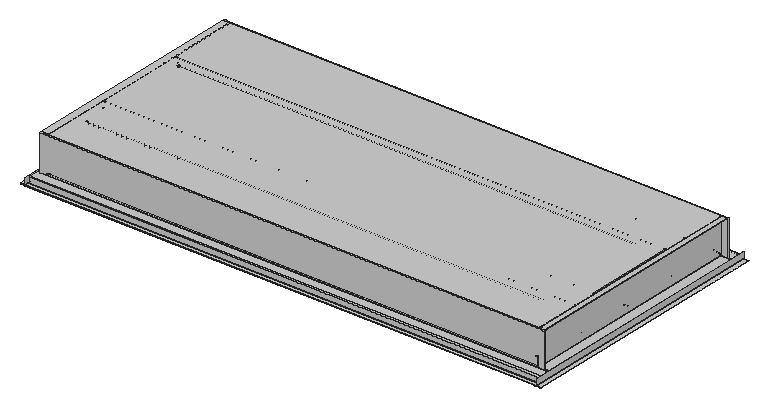
Revit family "LRTB-C29", category Lighting Fixtures, host Ceiling, Revit 2019
Family settings
  Host = Ceiling
  Round Connector Dimension = Use Diameter
  Part Type = Normal
  OmniClass Number = 23.80.70.11.14.17
  OmniClass Title = Direct/Indirect
  Always vertical = Yes
  Cut with Voids When Loaded = No
  Light Source = Yes
  Shared = No
  Room Calculation Point = No
Parameters (values of type "LRTB-C292X4-LED840K046LUNV")
  Width = 1' - 11 3/4"
  Wattage = 44 W
  built-in parameter 1150110 = 1 (stored number, unit not read)
  Voltage = 120 V
  URL = "https://www.viscor.com/en/products/lrtj-wet-location"
  built-in parameter 1114217 = 0.9 (stored number, unit not read)
  Tilt Angle = 90.00°
  built-in parameter 1150109 = 1 (stored number, unit not read)
  built-in parameter 1150134 = 12
  built-in parameter 1150113 = 1 (stored number, unit not read)
  Reflector Width = Width / 2  # 0' - 11 7/8"
  Photometric Web File = "LRTB-C29-2x4-LED840K046LUNV.ies"
  Model = "LRTB Wet Location"  # constant formula
  Manufacturer = "VISIONEERING by VISCOR"  # constant formula
  Lumens = 4400 lm
  built-in parameter 1150115 = 1 (stored number, unit not read)
  built-in parameter 1150105 = 350.14 (stored number, unit not read)
  built-in parameter 1150137 = (empty or 0)
  built-in parameter 1150139 = (empty or 0)
  Lens Finish = Acrylic - Viscor -Clear Flat Smooth
  Length = 3' - 11 3/4"
  Lamp Wattage = 44 VA
  built-in parameter 1150112 = 1 (stored number, unit not read)
  built-in parameter 1150114 = 1 (stored number, unit not read)
  Lamp = "LED"  # constant formula
  built-in parameter 1150132 = (empty or 0)
  built-in parameter 1150102 = (empty or 0)
  built-in parameter 1150138 = (empty or 0)
  built-in parameter 1150107 = 4000 (stored number, unit not read)
  built-in parameter 1150106 = 3.5014 (stored number, unit not read)
  Housing Finish = Metal - Viscor - White
  End Trim = Metal - Viscor - Flat White
  Emit from Rectangle Width = Width  # 1' - 11 3/4"
  Emit from Rectangle Length = Length  # 3' - 11 3/4"
  Emit Shape Visible in Rendering = no
  built-in parameter 1150104 = 9.2903 (stored number, unit not read)
  Dimming Lamp Color Temperature Shift = <None>
  Diffuser Finish = Acrylic - Viscor - Frosted Ribbed Linear Extruded
  Description = "LED Troffer Dish Parallel Tear Drop - Wet Location"  # constant formula
  Color Filter = 16777215
  built-in parameter 1114218 = 1 (stored number, unit not read)
  built-in parameter 1150133 = 10 (stored number, unit not read)
  Assembly Code = "D5020200"
  Apparent Load = Lamp Wattage  # 44 VA
Types (5): name | Wattage | URL | Photometric Web File | Lumens | built-in parameter 1150105 | Length | Lamp Wattage | built-in parameter 1150106 | Emit from Rectangle Length | built-in parameter 1150104 | Apparent Load
  (no name) | 44 W | "https://www.viscor.com/en/products/lrtj-wet-location" | "LRTB-C29-2x4-LED840K046LUNV.ies" | 4400 lm | 350.14 (stored number, unit not read) | 3' - 11 3/4" | 44 VA | 3.5014 (stored number, unit not read) | 3' - 11 3/4" | 9.2903 (stored number, unit not read) | 44 VA
  LRTB-C292X2-LED840K020LUNV | 20 W | "https://www.viscor.com/en/products/lrtb-wet-location-" | "LRTB-C29-2X2-LED840K020LUNV.ies" | 1880 lm | 149.61 (stored number, unit not read) | 1' - 11 3/4" | 20 VA | 1.4961 (stored number, unit not read) | 1' - 11 3/4" | 8.7329 (stored number, unit not read) | 20 VA
  LRTB-C292x4-LED840K037LUNV | 28 W | "https://www.viscor.com/en/products/lrtj-wet-location" | "LRTB-C29-2X4-LED840K037LUNV.ies" | 3108 lm | 247.33 (stored number, unit not read) | 3' - 11 3/4" | 28 VA | 2.4733 (stored number, unit not read) | 3' - 11 3/4" | 10.312 (stored number, unit not read) | 28 VA
  LRTB-C292X2-LED840K033LUNV | 26 W | "https://www.viscor.com/en/products/lrtj-wet-location" | "LRTB-C29-2X2-LED840K033LUNV.ies" | 3146 lm | 250.35 (stored number, unit not read) | 1' - 11 3/4" | 26 VA | 2.5035 (stored number, unit not read) | 1' - 11 3/4" | 11.241 (stored number, unit not read) | 26 VA
  LRTB-C292X4-LED840K046LUNV | 44 W | "https://www.viscor.com/en/products/lrtj-wet-location" | "LRTB-C29-2x4-LED840K046LUNV.ies" | 4400 lm | 350.14 (stored number, unit not read) | 3' - 11 3/4" | 44 VA | 3.5014 (stored number, unit not read) | 3' - 11 3/4" | 9.2903 (stored number, unit not read) | 44 VA
Reference planes (in)
  plane 1 "Light Source Axis (F/B)": y = 0
  plane 2 "Ceiling": z = 96
  plane 3 "Light Source Axis (L/R)": x = 0
  plane 4 "Light Source Elevation": z = 95.96875
  plane 5: y = 11.875
  plane 6: y = -11.875
  plane 7: x = -23.875
  plane 8: x = 23.875
  plane 9: x = -23.8125
  plane 10: x = 23.8125
  plane 11: x = -23.4375
  plane 12: x = 23.4375
  plane 13: y = 11.4375
  plane 14: y = -11.4375
  plane 15: x = -23.125
  plane 16: x = 23.125
  plane 17: x = -22.5
  plane 18: x = 22.5
  plane 19: x = -21
  plane 20: x = 21
  plane 21: y = -10.4
  plane 22: y = 10.4
Forms (in)
  Extrusion 1, void
    sketch origin (0, 0, 96) x (1, 0, 0) y (0, 1, 0)
      loop
        line (-23.875, -11.875) -> (23.875, -11.875) -> (23.875, 11.875) -> (-23.875, 11.875) -> (-23.875, -11.875)
    from -0.25733 to 4.35536
  Extrusion 2, solid, material "Metal - Viscor - White" <- "Housing Finish"
    sketch origin (0, 0, 0) x (0, 1, 0) y (0, 0, 1)
      loop
        line (11.875, 96) -> (11.875, 96.03125) -> (11.5065, 96.03125)
        arc (11.5065, 96.03125) -> (11.47981, 96.04231) -> (11.46875, 96.069) r 0.03775
        line (11.46875, 96.069) -> (11.46875, 96.5235)
        arc (11.46875, 96.5235) -> (11.44817, 96.57317) -> (11.3985, 96.59375) r 0.07025
        line (11.3985, 96.59375) -> (10.53, 96.59375) -> (10.53, 96.5625) -> (11.3985, 96.5625)
        arc (11.3985, 96.5625) -> (11.42608, 96.55108) -> (11.4375, 96.5235) r 0.039
        line (11.4375, 96.5235) -> (11.4375, 96.069)
        arc (11.4375, 96.069) -> (11.45771, 96.02021) -> (11.5065, 96) r 0.069
        line (11.5065, 96) -> (11.875, 96)
    from -23.4375 to 23.4375
  Extrusion 3, solid, material "Metal - Viscor - White" <- "Housing Finish"
    sketch origin (0, 0, 0) x (0, -1, 0) y (0, 0, -1)
      loop
        line (11.875, -96) -> (11.5065, -96)
        arc (11.5065, -96) -> (11.45771, -96.02021) -> (11.4375, -96.069) r 0.069
        line (11.4375, -96.069) -> (11.4375, -96.5235)
        arc (11.4375, -96.5235) -> (11.42608, -96.55108) -> (11.3985, -96.5625) r 0.039
        line (11.3985, -96.5625) -> (10.53, -96.5625) -> (10.53, -96.59375) -> (11.3985, -96.59375)
        arc (11.3985, -96.59375) -> (11.44817, -96.57317) -> (11.46875, -96.5235) r 0.07025
        line (11.46875, -96.5235) -> (11.46875, -96.069)
        arc (11.46875, -96.069) -> (11.47981, -96.04231) -> (11.5065, -96.03125) r 0.03775
        line (11.5065, -96.03125) -> (11.875, -96.03125) -> (11.875, -96)
    from -23.4375 to 23.4375
  Extrusion 4, solid, material "Metal - Viscor - White" <- "Housing Finish"
    sketch origin (0, 0, 0) x (0, 1, 0) y (0, 0, 1)
      loop
        line (10.461, 99.905) -> (-10.461, 99.905)
        arc (-10.461, 99.905) -> (-10.50979, 99.88479) -> (-10.53, 99.836) r 0.069
        line (-10.53, 99.836) -> (-10.53, 96.59375) -> (-10.49875, 96.59375) -> (-10.49875, 99.836)
        arc (-10.49875, 99.836) -> (-10.48769, 99.86269) -> (-10.461, 99.87375) r 0.03775
        line (-10.461, 99.87375) -> (10.461, 99.87375)
        arc (10.461, 99.87375) -> (10.48769, 99.86269) -> (10.49875, 99.836) r 0.03775
        line (10.49875, 99.836) -> (10.49875, 96.59375) -> (10.53, 96.59375) -> (10.53, 99.836)
        arc (10.53, 99.836) -> (10.50979, 99.88479) -> (10.461, 99.905) r 0.069
    from -23.125 to 23.125
  Extrusion 5, solid, material "Metal - Viscor - Flat White" <- "End Trim"
    sketch origin (0, 0, 0) x (1, 0, 0) y (0, 0, 1)
      loop
        arc (-23.506, 96) -> (-23.45721, 96.02021) -> (-23.437, 96.069) r 0.069
        line (-23.437, 96.069) -> (-23.437, 96.5925) -> (-23.46825, 96.5925) -> (-23.46825, 96.069)
        arc (-23.46825, 96.069) -> (-23.47931, 96.04231) -> (-23.506, 96.03125) r 0.03775
        line (-23.506, 96.03125) -> (-23.875, 96.03125) -> (-23.875, 96) -> (-23.506, 96)
    from -11.875 to 11.875
  Extrusion 6, solid, material "Metal - Viscor - Flat White" <- "End Trim"
    sketch origin (0, 0, 0) x (-1, 0, 0) y (0, 0, -1)
      loop
        line (-23.506, -96) -> (-23.875, -96) -> (-23.875, -96.03125) -> (-23.506, -96.03125)
        arc (-23.506, -96.03125) -> (-23.47931, -96.04231) -> (-23.46825, -96.069) r 0.03775
        line (-23.46825, -96.069) -> (-23.46825, -96.5925) -> (-23.437, -96.5925) -> (-23.437, -96.069)
        arc (-23.437, -96.069) -> (-23.45721, -96.02021) -> (-23.506, -96) r 0.069
    from -11.875 to 11.875
  Extrusion 7, solid, material "Metal - Viscor - White" <- "Housing Finish"
    sketch origin (0, 0, 0) x (1, 0, 0) y (0, 0, 1)
      loop
        line (-23.4375, 96.5625) -> (-22.5685, 96.5625)
        arc (-22.5685, 96.5625) -> (-22.51971, 96.58271) -> (-22.4995, 96.6315) r 0.069
        line (-22.4995, 96.6315) -> (-22.4995, 99.804)
        arc (-22.4995, 99.804) -> (-22.51971, 99.85279) -> (-22.5685, 99.873) r 0.069
        line (-22.5685, 99.873) -> (-23.1245, 99.873) -> (-23.1245, 99.84175) -> (-22.5685, 99.84175)
        arc (-22.5685, 99.84175) -> (-22.54181, 99.83069) -> (-22.53075, 99.804) r 0.03775
        line (-22.53075, 99.804) -> (-22.53075, 96.6315)
        arc (-22.53075, 96.6315) -> (-22.54181, 96.60481) -> (-22.5685, 96.59375) r 0.03775
        line (-22.5685, 96.59375) -> (-23.4375, 96.59375) -> (-23.4375, 96.5625)
    from -10.4 to 10.4
  Extrusion 8, solid, material "Metal - Viscor - White" <- "Housing Finish"
    sketch origin (0, 0, 0) x (-1, 0, 0) y (0, 0, -1)
      loop
        line (-23.4375, -96.5625) -> (-23.4375, -96.59375) -> (-22.5685, -96.59375)
        arc (-22.5685, -96.59375) -> (-22.54181, -96.60481) -> (-22.53075, -96.6315) r 0.03775
        line (-22.53075, -96.6315) -> (-22.53075, -99.804)
        arc (-22.53075, -99.804) -> (-22.54181, -99.83069) -> (-22.5685, -99.84175) r 0.03775
        line (-22.5685, -99.84175) -> (-23.1245, -99.84175) -> (-23.1245, -99.873) -> (-22.5685, -99.873)
        arc (-22.5685, -99.873) -> (-22.51971, -99.85279) -> (-22.4995, -99.804) r 0.069
        line (-22.4995, -99.804) -> (-22.4995, -96.6315)
        arc (-22.4995, -96.6315) -> (-22.51971, -96.58271) -> (-22.5685, -96.5625) r 0.069
        line (-22.5685, -96.5625) -> (-23.4375, -96.5625)
    from -10.4 to 10.4
  Extrusion 9, solid, material "Metal - Viscor - White" <- "Housing Finish"
    sketch origin (0, 0, 96) x (1, 0, 0) y (0, 1, 0)
      loop
        line (-23.40625, -11.40625) -> (23.40625, -11.40625) -> (23.40625, 11.40625) -> (-23.40625, 11.40625) -> (-23.40625, -11.40625)
      loop
        line (-22.03125, -10.03125) -> (22.03125, -10.03125) -> (22.03125, 10.03125) -> (-22.03125, 10.03125) -> (-22.03125, -10.03125)
    from 0 to 0.5
  Extrusion 10, solid, material "Acrylic - Viscor -Clear Flat Smooth" <- "Lens Finish"
    sketch origin (0, 0, 0) x (0, 1, 0) y (0, 0, 1)
      loop
        line (10.5, 96.158) -> (10.5, 96.283) -> (-10.5, 96.283) -> (-10.5, 96.158) -> (10.5, 96.158)
    from -22.5 to 22.5
  Extrusion 11, solid, material "Metal - Viscor - White" <- "Housing Finish"
    sketch origin (0, 0, 0) x (0, 1, 0) y (0, 0, 1)
      loop
        line (5.75542, 99.353) -> (5.75542, 99.32175) -> (6.21642, 99.32175)
        arc (6.21642, 99.32175) -> (6.23816, 99.31274) -> (6.24717, 99.291) r 0.03075
        line (6.24717, 99.291) -> (6.24717, 99.0825) -> (6.02604, 98.91587)
        arc (6.02604, 98.91587) -> (6.00079, 98.8404) -> (6.06219, 98.78978) r 0.07025
        line (6.06219, 98.78978) -> (6.43577, 98.7571)
        arc (6.43577, 98.7571) -> (8.46759, 98.18964) -> (10.15651, 96.92557) r 5.73176
        line (10.15651, 96.92557) -> (10.2899, 96.78042) -> (10.38719, 96.67456)
        arc (10.38719, 96.67456) -> (10.46442, 96.65664) -> (10.50916, 96.72209) r 0.07025
        line (10.50916, 96.72209) -> (10.50916, 97.563) -> (10.47791, 97.563) -> (10.47791, 96.72209)
        arc (10.47791, 96.72209) -> (10.45307, 96.68575) -> (10.4102, 96.6957) r 0.039
        line (10.4102, 96.6957) -> (10.31291, 96.80156) -> (10.17952, 96.94671)
        arc (10.17952, 96.94671) -> (8.48139, 98.21767) -> (6.43849, 98.78823) r 5.76301
        line (6.43849, 98.78823) -> (6.06492, 98.82091)
        arc (6.06492, 98.82091) -> (6.03083, 98.84901) -> (6.04484, 98.89091) r 0.039
        line (6.04484, 98.89091) -> (6.25373, 99.04832)
        arc (6.25373, 99.04832) -> (6.27191, 99.07017) -> (6.27842, 99.09783) r 0.062
        line (6.27842, 99.09783) -> (6.27842, 99.291)
        arc (6.27842, 99.291) -> (6.26026, 99.33484) -> (6.21642, 99.353) r 0.062
        line (6.21642, 99.353) -> (5.75542, 99.353)
    from -22.5 to 22.5
  Extrusion 12, solid, material "Metal - Viscor - White" <- "Housing Finish"
    sketch origin (0, 0, 0) x (0, -1, 0) y (0, 0, -1)
      loop
        line (5.75542, -99.353) -> (6.21642, -99.353)
        arc (6.21642, -99.353) -> (6.26026, -99.33484) -> (6.27842, -99.291) r 0.062
        line (6.27842, -99.291) -> (6.27842, -99.09783)
        arc (6.27842, -99.09783) -> (6.27191, -99.07017) -> (6.25373, -99.04832) r 0.062
        line (6.25373, -99.04832) -> (6.04484, -98.89091)
        arc (6.04484, -98.89091) -> (6.03083, -98.84901) -> (6.06492, -98.82091) r 0.039
        line (6.06492, -98.82091) -> (6.43849, -98.78823)
        arc (6.43849, -98.78823) -> (8.48139, -98.21767) -> (10.17952, -96.94671) r 5.76301
        line (10.17952, -96.94671) -> (10.31291, -96.80156) -> (10.4102, -96.6957)
        arc (10.4102, -96.6957) -> (10.45307, -96.68575) -> (10.47791, -96.72209) r 0.039
        line (10.47791, -96.72209) -> (10.47791, -97.563) -> (10.50916, -97.563) -> (10.50916, -96.72209)
        arc (10.50916, -96.72209) -> (10.46442, -96.65664) -> (10.38719, -96.67456) r 0.07025
        line (10.38719, -96.67456) -> (10.2899, -96.78042) -> (10.15651, -96.92557)
        arc (10.15651, -96.92557) -> (8.46759, -98.18964) -> (6.43577, -98.7571) r 5.73176
        line (6.43577, -98.7571) -> (6.06219, -98.78978)
        arc (6.06219, -98.78978) -> (6.00079, -98.8404) -> (6.02604, -98.91587) r 0.07025
        line (6.02604, -98.91587) -> (6.24717, -99.0825) -> (6.24717, -99.291)
        arc (6.24717, -99.291) -> (6.23816, -99.31274) -> (6.21642, -99.32175) r 0.03075
        line (6.21642, -99.32175) -> (5.75542, -99.32175) -> (5.75542, -99.353)
    from -22.5 to 22.5
  Extrusion 13, solid, material "Metal - Viscor - White" <- "Housing Finish"
    sketch origin (0, 0, 0) x (0, 1, 0) y (0, 0, 1)
      loop
        line (4.69357, 99.352) -> (4.23257, 99.352)
        arc (4.23257, 99.352) -> (4.18873, 99.33384) -> (4.17057, 99.29) r 0.062
        line (4.17057, 99.29) -> (4.17057, 99.08322)
        arc (4.17057, 99.08322) -> (4.17818, 99.05346) -> (4.19914, 99.031) r 0.062
        line (4.19914, 99.031) -> (4.41784, 98.89102)
        arc (4.41784, 98.89102) -> (4.43501, 98.85031) -> (4.40316, 98.81969) r 0.039
        line (4.40316, 98.81969) -> (3.90984, 98.73823)
        arc (3.90984, 98.73823) -> (2.07315, 98.21911) -> (0.3973, 97.30563) r 8.55352
        line (0.3973, 97.30563) -> (0.02328, 97.04374)
        arc (0.02328, 97.04374) -> (0.00091, 97.03669) -> (-0.02146, 97.04374) r 0.039
        line (-0.02146, 97.04374) -> (-0.39547, 97.30563)
        arc (-0.39547, 97.30563) -> (-2.07133, 98.21911) -> (-3.90802, 98.73823) r 8.55352
        line (-3.90802, 98.73823) -> (-4.40134, 98.81969)
        arc (-4.40134, 98.81969) -> (-4.43319, 98.85031) -> (-4.41601, 98.89102) r 0.039
        line (-4.41601, 98.89102) -> (-4.19732, 99.031)
        arc (-4.19732, 99.031) -> (-4.17636, 99.05346) -> (-4.16875, 99.08322) r 0.062
        line (-4.16875, 99.08322) -> (-4.16875, 99.29)
        arc (-4.16875, 99.29) -> (-4.18691, 99.33384) -> (-4.23075, 99.352) r 0.062
        line (-4.23075, 99.352) -> (-4.69175, 99.352) -> (-4.69175, 99.32075) -> (-4.23075, 99.32075)
        arc (-4.23075, 99.32075) -> (-4.209, 99.31174) -> (-4.2, 99.29) r 0.03075
        line (-4.2, 99.29) -> (-4.2, 99.0664) -> (-4.43286, 98.91734)
        arc (-4.43286, 98.91734) -> (-4.4638, 98.84402) -> (-4.40643, 98.78886) r 0.07025
        line (-4.40643, 98.78886) -> (-3.91311, 98.7074)
        arc (-3.91311, 98.7074) -> (-2.08313, 98.19017) -> (-0.4134, 97.28003) r 8.52227
        line (-0.4134, 97.28003) -> (-0.03938, 97.01814)
        arc (-0.03938, 97.01814) -> (0.00091, 97.00544) -> (0.04121, 97.01814) r 0.07025
        line (0.04121, 97.01814) -> (0.41522, 97.28003)
        arc (0.41522, 97.28003) -> (2.08495, 98.19017) -> (3.91494, 98.7074) r 8.52227
        line (3.91494, 98.7074) -> (4.40826, 98.78886)
        arc (4.40826, 98.78886) -> (4.46562, 98.84402) -> (4.43468, 98.91734) r 0.07025
        line (4.43468, 98.91734) -> (4.21599, 99.05732)
        arc (4.21599, 99.05732) -> (4.20559, 99.06846) -> (4.20182, 99.08322) r 0.03075
        line (4.20182, 99.08322) -> (4.20182, 99.29)
        arc (4.20182, 99.29) -> (4.21083, 99.31174) -> (4.23257, 99.32075) r 0.03075
        line (4.23257, 99.32075) -> (4.69357, 99.32075) -> (4.69357, 99.352)
    from -22.5 to 22.5
  Extrusion 14, solid, material "Acrylic - Viscor - Frosted Ribbed Linear Extruded" <- "Diffuser Finish"
    sketch origin (0, 0, 0) x (0, 1, 0) y (0, 0, 1)
      loop
        line (6.27149, 98.69488) -> (6.27392, 98.77985)
        arc (6.27392, 98.77985) -> (6.26847, 98.79415) -> (6.2545, 98.80041) r 0.02
        line (6.2545, 98.80041) -> (6.00461, 98.80757) -> (6.00589, 98.85255) -> (6.04689, 98.87954)
        arc (6.04689, 98.87954) -> (6.07116, 98.90567) -> (6.08062, 98.94004) r 0.075
        line (6.08062, 98.94004) -> (6.08219, 98.99484)
        arc (6.08219, 98.99484) -> (6.08964, 99.00891) -> (6.10534, 99.01157) r 0.018
        line (6.10534, 99.01157) -> (6.1446, 98.99983)
        arc (6.1446, 98.99983) -> (6.18193, 99.01999) -> (6.16178, 99.05732) r 0.03
        line (6.16178, 99.05732) -> (6.0501, 99.0907)
        arc (6.0501, 99.0907) -> (6.03266, 99.08775) -> (6.02438, 99.07211) r 0.02
        line (6.02438, 99.07211) -> (6.02042, 98.93395) -> (5.94681, 98.88549) -> (5.94334, 98.76431)
        arc (5.94334, 98.76431) -> (5.95152, 98.74285) -> (5.97247, 98.73346) r 0.03
        line (5.97247, 98.73346) -> (6.21357, 98.72655)
        arc (6.21357, 98.72655) -> (6.14201, 98.20294) -> (5.94717, 97.71168) r 2.19141
        arc (5.94717, 97.71168) -> (5.76288, 97.45006) -> (5.52368, 97.23747) r 1.39141
        arc (5.52368, 97.23747) -> (5.25091, 97.15139) -> (4.97814, 97.23747) r 0.47524
        arc (4.97814, 97.23747) -> (4.73895, 97.45006) -> (4.55465, 97.71168) r 1.39141
        arc (4.55465, 97.71168) -> (4.35981, 98.20294) -> (4.28825, 98.72655) r 2.19141
        line (4.28825, 98.72655) -> (4.52935, 98.73346)
        arc (4.52935, 98.73346) -> (4.55031, 98.74285) -> (4.55848, 98.76431) r 0.03
        line (4.55848, 98.76431) -> (4.55501, 98.88549) -> (4.4814, 98.93395) -> (4.47744, 99.07211)
        arc (4.47744, 99.07211) -> (4.46916, 99.08775) -> (4.45172, 99.0907) r 0.02
        line (4.45172, 99.0907) -> (4.34004, 99.05732)
        arc (4.34004, 99.05732) -> (4.31989, 99.01999) -> (4.35723, 98.99983) r 0.03
        line (4.35723, 98.99983) -> (4.39648, 99.01157)
        arc (4.39648, 99.01157) -> (4.41218, 99.00891) -> (4.41963, 98.99484) r 0.018
        line (4.41963, 98.99484) -> (4.4212, 98.94004)
        arc (4.4212, 98.94004) -> (4.43066, 98.90567) -> (4.45493, 98.87954) r 0.075
        line (4.45493, 98.87954) -> (4.49593, 98.85255) -> (4.49722, 98.80757) -> (4.24732, 98.80041)
        arc (4.24732, 98.80041) -> (4.23335, 98.79415) -> (4.2279, 98.77985) r 0.02
        line (4.2279, 98.77985) -> (4.23034, 98.69488)
        arc (4.23034, 98.69488) -> (4.3071, 98.17318) -> (4.50318, 97.68367) r 2.25
        arc (4.50318, 97.68367) -> (4.69524, 97.41103) -> (4.94451, 97.18948) r 1.45
        arc (4.94451, 97.18948) -> (5.25091, 97.0928) -> (5.55731, 97.18948) r 0.53383
        arc (5.55731, 97.18948) -> (5.80658, 97.41103) -> (5.99864, 97.68367) r 1.45
        arc (5.99864, 97.68367) -> (6.19472, 98.17318) -> (6.27149, 98.69488) r 2.25
    from -22.5 to 22.5
  Extrusion 15, solid, material "Acrylic - Viscor - Frosted Ribbed Linear Extruded" <- "Diffuser Finish"
    sketch origin (0, 0, 0) x (0, -1, 0) y (0, 0, -1)
      loop
        arc (6.27149, -98.69488) -> (6.19472, -98.17318) -> (5.99864, -97.68367) r 2.25
        arc (5.99864, -97.68367) -> (5.80658, -97.41103) -> (5.55731, -97.18948) r 1.45
        arc (5.55731, -97.18948) -> (5.25091, -97.0928) -> (4.94451, -97.18948) r 0.53383
        arc (4.94451, -97.18948) -> (4.69524, -97.41103) -> (4.50318, -97.68367) r 1.45
        arc (4.50318, -97.68367) -> (4.3071, -98.17318) -> (4.23034, -98.69488) r 2.25
        line (4.23034, -98.69488) -> (4.2279, -98.77985)
        arc (4.2279, -98.77985) -> (4.23335, -98.79415) -> (4.24732, -98.80041) r 0.02
        line (4.24732, -98.80041) -> (4.49722, -98.80757) -> (4.49593, -98.85255) -> (4.45493, -98.87954)
        arc (4.45493, -98.87954) -> (4.43066, -98.90567) -> (4.4212, -98.94004) r 0.075
        line (4.4212, -98.94004) -> (4.41963, -98.99484)
        arc (4.41963, -98.99484) -> (4.41218, -99.00891) -> (4.39648, -99.01157) r 0.018
        line (4.39648, -99.01157) -> (4.35723, -98.99983)
        arc (4.35723, -98.99983) -> (4.31989, -99.01999) -> (4.34004, -99.05732) r 0.03
        line (4.34004, -99.05732) -> (4.45172, -99.0907)
        arc (4.45172, -99.0907) -> (4.46916, -99.08775) -> (4.47744, -99.07211) r 0.02
        line (4.47744, -99.07211) -> (4.4814, -98.93395) -> (4.55501, -98.88549) -> (4.55848, -98.76431)
        arc (4.55848, -98.76431) -> (4.55031, -98.74285) -> (4.52935, -98.73346) r 0.03
        line (4.52935, -98.73346) -> (4.28825, -98.72655)
        arc (4.28825, -98.72655) -> (4.35981, -98.20294) -> (4.55465, -97.71168) r 2.19141
        arc (4.55465, -97.71168) -> (4.73895, -97.45006) -> (4.97814, -97.23747) r 1.39141
        arc (4.97814, -97.23747) -> (5.25091, -97.15139) -> (5.52368, -97.23747) r 0.47524
        arc (5.52368, -97.23747) -> (5.76288, -97.45006) -> (5.94717, -97.71168) r 1.39141
        arc (5.94717, -97.71168) -> (6.14201, -98.20294) -> (6.21357, -98.72655) r 2.19141
        line (6.21357, -98.72655) -> (5.97247, -98.73346)
        arc (5.97247, -98.73346) -> (5.95152, -98.74285) -> (5.94334, -98.76431) r 0.03
        line (5.94334, -98.76431) -> (5.94681, -98.88549) -> (6.02042, -98.93395) -> (6.02438, -99.07211)
        arc (6.02438, -99.07211) -> (6.03266, -99.08775) -> (6.0501, -99.0907) r 0.02
        line (6.0501, -99.0907) -> (6.16178, -99.05732)
        arc (6.16178, -99.05732) -> (6.18193, -99.01999) -> (6.1446, -98.99983) r 0.03
        line (6.1446, -98.99983) -> (6.10534, -99.01157)
        arc (6.10534, -99.01157) -> (6.08964, -99.00891) -> (6.08219, -98.99484) r 0.018
        line (6.08219, -98.99484) -> (6.08062, -98.94004)
        arc (6.08062, -98.94004) -> (6.07116, -98.90567) -> (6.04689, -98.87954) r 0.075
        line (6.04689, -98.87954) -> (6.00589, -98.85255) -> (6.00461, -98.80757) -> (6.2545, -98.80041)
        arc (6.2545, -98.80041) -> (6.26847, -98.79415) -> (6.27392, -98.77985) r 0.02
        line (6.27392, -98.77985) -> (6.27149, -98.69488)
    from -22.5 to 22.5
  Extrusion 16, solid, material "Metal - Viscor - White" <- "Housing Finish"
    sketch origin (0, 0, 0) x (0, 1, 0) y (0, 0, 1)
      loop
        line (6.28191, 99.875) -> (6.25066, 99.875) -> (6.25066, 99.414)
        arc (6.25066, 99.414) -> (6.24165, 99.39226) -> (6.21991, 99.38325) r 0.03075
        line (6.21991, 99.38325) -> (4.21891, 99.38325)
        arc (4.21891, 99.38325) -> (4.19717, 99.39226) -> (4.18816, 99.414) r 0.03075
        line (4.18816, 99.414) -> (4.18816, 99.813)
        arc (4.18816, 99.813) -> (4.16759, 99.86267) -> (4.11791, 99.88325) r 0.07025
        line (4.11791, 99.88325) -> (-4.11609, 99.88325)
        arc (-4.11609, 99.88325) -> (-4.16576, 99.86267) -> (-4.18634, 99.813) r 0.07025
        line (-4.18634, 99.813) -> (-4.18634, 99.414)
        arc (-4.18634, 99.414) -> (-4.19535, 99.39226) -> (-4.21709, 99.38325) r 0.03075
        line (-4.21709, 99.38325) -> (-6.21809, 99.38325)
        arc (-6.21809, 99.38325) -> (-6.23983, 99.39226) -> (-6.24884, 99.414) r 0.03075
        line (-6.24884, 99.414) -> (-6.24884, 99.875) -> (-6.28009, 99.875) -> (-6.28009, 99.414)
        arc (-6.28009, 99.414) -> (-6.26193, 99.37016) -> (-6.21809, 99.352) r 0.062
        line (-6.21809, 99.352) -> (-4.21709, 99.352)
        arc (-4.21709, 99.352) -> (-4.17325, 99.37016) -> (-4.15509, 99.414) r 0.062
        line (-4.15509, 99.414) -> (-4.15509, 99.813)
        arc (-4.15509, 99.813) -> (-4.14367, 99.84058) -> (-4.11609, 99.852) r 0.039
        line (-4.11609, 99.852) -> (4.11791, 99.852)
        arc (4.11791, 99.852) -> (4.14549, 99.84058) -> (4.15691, 99.813) r 0.039
        line (4.15691, 99.813) -> (4.15691, 99.414)
        arc (4.15691, 99.414) -> (4.17507, 99.37016) -> (4.21891, 99.352) r 0.062
        line (4.21891, 99.352) -> (6.21991, 99.352)
        arc (6.21991, 99.352) -> (6.26375, 99.37016) -> (6.28191, 99.414) r 0.062
        line (6.28191, 99.414) -> (6.28191, 99.875)
    from -22.5 to 22.5
Dimensions and locks (in)
  equal spacing: host sketch curve, plane 3 "Light Source Axis (L/R)", host sketch curve
  equal spacing: host sketch curve, plane 1 "Light Source Axis (F/B)", host sketch curve
  host sketch curve to host sketch curve = 10' - 0"  (x2)
  equal spacing: plane 7, plane 3 "Light Source Axis (L/R)", plane 8
  "Length": plane 7 to plane 8
  equal spacing: plane 5, plane 1 "Light Source Axis (F/B)", plane 6
  "Width": plane 5 to plane 6
  plane 4 "Light Source Elevation" to plane 2 "Ceiling" = 0' - 0 1/32"
  locked: plane 7 to plane 9 at 0.0625
  locked: plane 10 to plane 8 at 0.0625
  locked: plane 7 to plane 11 at 0.4375
  locked: plane 12 to plane 8 at 0.4375
  locked: plane 5 to plane 13 at 0.4375
  locked: plane 14 to plane 6 at 0.4375
  locked: plane 11 to plane 15 at 0.3125
  locked: plane 16 to plane 12 at 0.3125
  locked: plane 7 to plane 17 at 1.375
  locked: plane 18 to plane 8 at 1.375
  locked: plane 17 to plane 19 at 1.5
  locked: plane 20 to plane 18 at 1.5
  plane 5 to plane 22 = 0' - 1.475"
  locked: plane 21 to plane 6 at 1.475
  aligned and locked: plane 3 "Light Source Axis (L/R)" to imposter light
  aligned and locked: plane 1 "Light Source Axis (F/B)" to imposter light
  aligned and locked: plane 4 "Light Source Elevation" to imposter light
  aligned and locked: Extrusion 1 to imposter light
  aligned and locked: Extrusion 1 to plane 7
  aligned and locked: plane 8 to Extrusion 1
  aligned and locked: Extrusion 2 to plane 11
  aligned and locked: plane 12 to Extrusion 2
  aligned and locked: Extrusion 3 to plane 11
  aligned and locked: plane 12 to Extrusion 3
  aligned and locked: Extrusion 4 to plane 15
  aligned and locked: Extrusion 4 to plane 16
  aligned and locked: plane 5 to Extrusion 5
  aligned and locked: Extrusion 5 to plane 6
  aligned and locked: plane 5 to Extrusion 6
  aligned and locked: Extrusion 6 to plane 6
  aligned and locked: plane 22 to Extrusion 7
  aligned and locked: Extrusion 7 to plane 21
  aligned and locked: plane 22 to Extrusion 8
  aligned and locked: Extrusion 8 to plane 21
  aligned and locked: Extrusion 10 to plane 17
  aligned and locked: plane 18 to Extrusion 10
  aligned and locked: Extrusion 11 to plane 17
  aligned and locked: plane 18 to Extrusion 11
  aligned and locked: Extrusion 12 to plane 17
  aligned and locked: plane 18 to Extrusion 12
  aligned and locked: Extrusion 13 to plane 17
  aligned and locked: plane 18 to Extrusion 13
  aligned and locked: Extrusion 14 to plane 17
  aligned and locked: plane 18 to Extrusion 14
  aligned and locked: Extrusion 15 to plane 17
  aligned and locked: plane 18 to Extrusion 15
  aligned and locked: Extrusion 16 to plane 17
  aligned and locked: plane 18 to Extrusion 16
Automatic sketch dimensions
  Extrusion 1 sketch curve to plane 5 = 0' - 0"
  Extrusion 1 sketch curve to plane 7 = 0' - 0"
  Extrusion 1 sketch curve to plane 8 = 0' - 0"
  Extrusion 1 sketch curve to plane 6 = 0' - 0"
  Extrusion 2 sketch curve to Extrusion 2 sketch curve = 0' - 0"  (x4)
  Extrusion 2 sketch curve to plane 13 = 0' - 0"
  Extrusion 2 sketch curve to plane 2 "Ceiling" = 0' - 0"
  Extrusion 2 sketch curve to plane 5 = 0' - 0"
  Extrusion 2 sketch curve to plane 13 = 0' - 0.039"
  plane 22 to Extrusion 2 sketch curve = 0' - 0.13"
  Extrusion 2 sketch curve to Extrusion 2 sketch curve = 0' - 0 1/32"
  Extrusion 2 sketch curve to Extrusion 2 sketch curve = 0' - 0.03775"
  Extrusion 2 sketch curve to Extrusion 2 sketch curve = 0' - 0.4545"
  Extrusion 3 sketch curve to Extrusion 3 sketch curve = 0' - 0"  (x4)
  Extrusion 3 sketch curve to plane 14 = 0' - 0"
  Extrusion 3 sketch curve to plane 2 "Ceiling" = 0' - 0"
  Extrusion 3 sketch curve to plane 6 = 0' - 0"
  Extrusion 3 sketch curve to plane 14 = 0' - 0.039"
  plane 21 to Extrusion 3 sketch curve = 0' - 0.13"
  plane 14 to Extrusion 3 sketch curve = 0' - 0 1/32"
  Extrusion 3 sketch curve to Extrusion 3 sketch curve = 0' - 0.03775"
  Extrusion 3 sketch curve to Extrusion 3 sketch curve = 0' - 0.4545"
  Extrusion 4 sketch curve to Extrusion 4 sketch curve = 0' - 0"  (x4)
  Extrusion 4 sketch curve to plane 21 = 0' - 0.13"
  Extrusion 4 sketch curve to Extrusion 4 sketch curve = 0' - 0 1/32"
  Extrusion 4 sketch curve to Extrusion 4 sketch curve = 0' - 0.03775"
  plane 22 to Extrusion 4 sketch curve = 0' - 0.061"
  plane 22 to Extrusion 4 sketch curve = 0' - 0.09875"
  plane 2 "Ceiling" to Extrusion 4 sketch curve = 0' - 0 19/32"  (x2)
  Extrusion 4 sketch curve to Extrusion 4 sketch curve = 0' - 3.24225"
  Extrusion 5 sketch curve to Extrusion 5 sketch curve = 0' - 0"  (x2)
  Extrusion 5 sketch curve to plane 2 "Ceiling" = 0' - 0"
  Extrusion 5 sketch curve to plane 7 = 0' - 0"
  Extrusion 5 sketch curve to plane 11 = 0' - 0.0685"
  Extrusion 5 sketch curve to plane 11 = 0' - 0.03075"
  plane 11 to Extrusion 5 sketch curve = 0' - 0.0005"
  Extrusion 5 sketch curve to Extrusion 5 sketch curve = 0' - 0.5235"
  Extrusion 6 sketch curve to Extrusion 6 sketch curve = 0' - 0"  (x2)
  Extrusion 6 sketch curve to plane 2 "Ceiling" = 0' - 0"
  Extrusion 6 sketch curve to plane 8 = 0' - 0"
  Extrusion 6 sketch curve to plane 12 = 0' - 0.0685"
  Extrusion 6 sketch curve to plane 12 = 0' - 0.03075"
  plane 12 to Extrusion 6 sketch curve = 0' - 0.0005"
  Extrusion 6 sketch curve to Extrusion 6 sketch curve = 0' - 0.5235"
  Extrusion 7 sketch curve to Extrusion 7 sketch curve = 0' - 0"  (x4)
  Extrusion 7 sketch curve to plane 11 = 0' - 0"
  plane 15 to Extrusion 7 sketch curve = 0' - 0.0005"
  Extrusion 7 sketch curve to plane 17 = 0' - 0.0685"  (x2)
  Extrusion 7 sketch curve to plane 17 = 0' - 0.03075"
  plane 17 to Extrusion 7 sketch curve = 0' - 0.0005"
  plane 2 "Ceiling" to Extrusion 7 sketch curve = 0' - 0 9/16"
  Extrusion 7 sketch curve to Extrusion 7 sketch curve = 0' - 3.1725"
  Extrusion 8 sketch curve to Extrusion 8 sketch curve = 0' - 0"  (x4)
  Extrusion 8 sketch curve to plane 12 = 0' - 0"
  plane 16 to Extrusion 8 sketch curve = 0' - 0.0005"
  Extrusion 8 sketch curve to plane 18 = 0' - 0.0685"  (x2)
  Extrusion 8 sketch curve to plane 18 = 0' - 0.03075"
  plane 18 to Extrusion 8 sketch curve = 0' - 0.0005"
  Extrusion 8 sketch curve to plane 2 "Ceiling" = 0' - 0 9/16"
  Extrusion 8 sketch curve to Extrusion 8 sketch curve = 0' - 3.1725"
  plane 11 to Extrusion 9 sketch curve = 0' - 0 1/32"
  plane 17 to Extrusion 9 sketch curve = 0' - 0 15/32"
  Extrusion 9 sketch curve to plane 18 = 0' - 0 15/32"
  Extrusion 9 sketch curve to plane 12 = 0' - 0 1/32"
  plane 14 to Extrusion 9 sketch curve = 0' - 0 1/32"
  plane 21 to Extrusion 9 sketch curve = 0' - 0.36875"
  Extrusion 9 sketch curve to plane 22 = 0' - 0.36875"
  Extrusion 9 sketch curve to plane 13 = 0' - 0 1/32"
  Extrusion 10 sketch curve to plane 21 = 0' - 0.1"
  plane 22 to Extrusion 10 sketch curve = 0' - 0.1"
  plane 2 "Ceiling" to Extrusion 10 sketch curve = 0' - 0.158"
  Extrusion 10 sketch curve to Extrusion 10 sketch curve = 0' - 0 1/8"
  Extrusion 11 sketch curve to Extrusion 11 sketch curve = 0' - 0"  (x9)
  Extrusion 11 sketch curve to plane 22 = 0' - 4.64458"
  Extrusion 11 sketch curve to plane 22 = 0' - 4.46379"
  Extrusion 11 sketch curve to Extrusion 11 sketch curve = 0' - 0.27062"
  Extrusion 11 sketch curve to Extrusion 11 sketch curve = 0' - 0.01881"
  plane 2 "Ceiling" to Extrusion 11 sketch curve = 0' - 2.78978"
  Extrusion 11 sketch curve to Extrusion 11 sketch curve = 0' - 0.01735"
  Extrusion 11 sketch curve to Extrusion 11 sketch curve = 0' - 0.00272"  (x2)
  Extrusion 11 sketch curve to Extrusion 11 sketch curve = 0' - 0.02347"
  Extrusion 11 sketch curve to Extrusion 11 sketch curve = 0' - 0.19038"
  Extrusion 11 sketch curve to Extrusion 11 sketch curve = 0' - 0.03075"
  Extrusion 11 sketch curve to Extrusion 11 sketch curve = 0' - 0.00656"
  Extrusion 11 sketch curve to Extrusion 11 sketch curve = 0' - 0 1/32"  (x2)
  Extrusion 11 sketch curve to Extrusion 11 sketch curve = 0' - 0.18203"
  plane 2 "Ceiling" to Extrusion 11 sketch curve = 0' - 2.78823"
  Extrusion 11 sketch curve to plane 22 = 0' - 0.24349"
  Extrusion 11 sketch curve to Extrusion 11 sketch curve = 0' - 0.02301"  (x2)
  Extrusion 11 sketch curve to plane 22 = 0' - 0.1101"
  Extrusion 11 sketch curve to plane 22 = 0' - 0.01281"
  plane 22 to Extrusion 11 sketch curve = 0' - 0.0102"
  plane 22 to Extrusion 11 sketch curve = 0' - 0.03891"
  Extrusion 11 sketch curve to Extrusion 11 sketch curve = 0' - 0.039"
  Extrusion 11 sketch curve to Extrusion 11 sketch curve = 0' - 0.03113"  (x2)
  plane 2 "Ceiling" to Extrusion 11 sketch curve = 0' - 1.563"
  Extrusion 11 sketch curve to Extrusion 11 sketch curve = 0' - 0.61629"
  Extrusion 11 sketch curve to Extrusion 11 sketch curve = 0' - 0.14515"
  Extrusion 11 sketch curve to Extrusion 11 sketch curve = 0' - 0.02115"
  Extrusion 11 sketch curve to Extrusion 11 sketch curve = 0' - 0.07947"
  Extrusion 11 sketch curve to Extrusion 11 sketch curve = 0' - 0.03885"
  Extrusion 11 sketch curve to Extrusion 11 sketch curve = 0' - 0.15741"
  Extrusion 11 sketch curve to Extrusion 11 sketch curve = 0' - 0.01533"
  Extrusion 11 sketch curve to Extrusion 11 sketch curve = 0' - 0.19317"
  Extrusion 12 sketch curve to Extrusion 12 sketch curve = 0' - 0"  (x9)
  Extrusion 12 sketch curve to plane 21 = 0' - 4.64458"
  Extrusion 12 sketch curve to plane 21 = 0' - 4.46379"
  Extrusion 12 sketch curve to Extrusion 12 sketch curve = 0' - 0.27062"
  Extrusion 12 sketch curve to Extrusion 12 sketch curve = 0' - 0.01881"
  Extrusion 12 sketch curve to plane 2 "Ceiling" = 0' - 2.78978"
  Extrusion 12 sketch curve to Extrusion 12 sketch curve = 0' - 0.01735"
  Extrusion 12 sketch curve to Extrusion 12 sketch curve = 0' - 0.00272"  (x2)
  Extrusion 12 sketch curve to Extrusion 12 sketch curve = 0' - 0.02347"
  Extrusion 12 sketch curve to Extrusion 12 sketch curve = 0' - 0.19038"
  Extrusion 12 sketch curve to Extrusion 12 sketch curve = 0' - 0.03075"
  Extrusion 12 sketch curve to Extrusion 12 sketch curve = 0' - 0.00656"
  Extrusion 12 sketch curve to Extrusion 12 sketch curve = 0' - 0 1/32"  (x2)
  Extrusion 12 sketch curve to Extrusion 12 sketch curve = 0' - 0.18203"
  Extrusion 12 sketch curve to plane 2 "Ceiling" = 0' - 2.78823"
  Extrusion 12 sketch curve to plane 21 = 0' - 0.24349"
  Extrusion 12 sketch curve to Extrusion 12 sketch curve = 0' - 0.02301"  (x2)
  Extrusion 12 sketch curve to plane 21 = 0' - 0.1101"
  Extrusion 12 sketch curve to plane 21 = 0' - 0.01281"
  plane 21 to Extrusion 12 sketch curve = 0' - 0.0102"
  plane 21 to Extrusion 12 sketch curve = 0' - 0.03891"
  Extrusion 12 sketch curve to Extrusion 12 sketch curve = 0' - 0.039"
  Extrusion 12 sketch curve to Extrusion 12 sketch curve = 0' - 0.03113"  (x2)
  Extrusion 12 sketch curve to plane 2 "Ceiling" = 0' - 1.563"
  Extrusion 12 sketch curve to Extrusion 12 sketch curve = 0' - 0.61629"
  Extrusion 12 sketch curve to Extrusion 12 sketch curve = 0' - 0.14515"
  Extrusion 12 sketch curve to Extrusion 12 sketch curve = 0' - 0.02115"
  Extrusion 12 sketch curve to Extrusion 12 sketch curve = 0' - 0.07947"
  Extrusion 12 sketch curve to Extrusion 12 sketch curve = 0' - 0.03885"
  Extrusion 12 sketch curve to Extrusion 12 sketch curve = 0' - 0.15741"
  Extrusion 12 sketch curve to Extrusion 12 sketch curve = 0' - 0.01533"
  Extrusion 12 sketch curve to Extrusion 12 sketch curve = 0' - 0.19317"
  Extrusion 13 sketch curve to Extrusion 13 sketch curve = 0' - 0"  (x18)
  plane 21 to Extrusion 13 sketch curve = 0' - 5.09843"
  plane 1 "Light Source Axis (F/B)" to Extrusion 13 sketch curve = 0' - 4.69175"
  Extrusion 13 sketch curve to Extrusion 13 sketch curve = 0' - 0.25889"
  Extrusion 13 sketch curve to Extrusion 13 sketch curve = 0' - 0.01685"
  Extrusion 13 sketch curve to Extrusion 13 sketch curve = 0' - 0.00958"
  Extrusion 13 sketch curve to Extrusion 13 sketch curve = 0' - 0.00509"  (x4)
  Extrusion 13 sketch curve to Extrusion 13 sketch curve = 0' - 0.02103"  (x2)
  Extrusion 13 sketch curve to Extrusion 13 sketch curve = 0' - 0.20211"
  Extrusion 13 sketch curve to Extrusion 13 sketch curve = 0' - 0.03075"  (x2)
  Extrusion 13 sketch curve to Extrusion 13 sketch curve = 0' - 0.00268"
  Extrusion 13 sketch curve to Extrusion 13 sketch curve = 0' - 0 1/32"  (x2)
  Extrusion 13 sketch curve to Extrusion 13 sketch curve = 0' - 0.28421"
  plane 2 "Ceiling" to Extrusion 13 sketch curve = 0' - 2.73823"
  plane 1 "Light Source Axis (F/B)" to Extrusion 13 sketch curve = 0' - 0.4134"
  Extrusion 13 sketch curve to Extrusion 13 sketch curve = 0' - 0.01792"  (x3)
  plane 1 "Light Source Axis (F/B)" to Extrusion 13 sketch curve = 0' - 0.03938"
  plane 1 "Light Source Axis (F/B)" to Extrusion 13 sketch curve = 0' - 0.02146"
  Extrusion 13 sketch curve to plane 1 "Light Source Axis (F/B)" = 0' - 0.00091"
  Extrusion 13 sketch curve to plane 1 "Light Source Axis (F/B)" = 0' - 0.02328"
  Extrusion 13 sketch curve to plane 1 "Light Source Axis (F/B)" = 0' - 0.3973"
  Extrusion 13 sketch curve to Extrusion 13 sketch curve = 0' - 3.49463"
  Extrusion 13 sketch curve to Extrusion 13 sketch curve = 0' - 0.26072"
  plane 2 "Ceiling" to Extrusion 13 sketch curve = 0' - 3.031"
  Extrusion 13 sketch curve to Extrusion 13 sketch curve = 0' - 0.02857"
  plane 2 "Ceiling" to Extrusion 13 sketch curve = 0' - 3.05732"
  Extrusion 13 sketch curve to Extrusion 13 sketch curve = 0' - 0.01658"
  Extrusion 13 sketch curve to Extrusion 13 sketch curve = 0' - 0.19767"
  plane 2 "Ceiling" to Extrusion 13 sketch curve = 0' - 2.81969"
  Extrusion 13 sketch curve to Extrusion 13 sketch curve = 0' - 0.00635"
  plane 2 "Ceiling" to Extrusion 13 sketch curve = 0' - 2.78886"
  plane 2 "Ceiling" to Extrusion 13 sketch curve = 0' - 2.89102"
  plane 2 "Ceiling" to Extrusion 13 sketch curve = 0' - 2.91734"
  Extrusion 13 sketch curve to Extrusion 13 sketch curve = 0' - 0.461"
  Extrusion 13 sketch curve to plane 22 = 0' - 5.09661"
  Extrusion 13 sketch curve to Extrusion 13 sketch curve = 0' - 0.32361"
  Extrusion 13 sketch curve to Extrusion 13 sketch curve = 0' - 0.03083"  (x2)
  plane 2 "Ceiling" to Extrusion 13 sketch curve = 0' - 1.30563"
  Extrusion 13 sketch curve to Extrusion 13 sketch curve = 0' - 0.0256"  (x2)
  Extrusion 13 sketch curve to Extrusion 13 sketch curve = 0' - 0.22994"
  Extrusion 13 sketch curve to Extrusion 13 sketch curve = 0' - 0.03195"
  Extrusion 13 sketch curve to Extrusion 13 sketch curve = 0' - 0.08146"
  Extrusion 13 sketch curve to Extrusion 13 sketch curve = 0' - 0.03848"
  Extrusion 13 sketch curve to Extrusion 13 sketch curve = 0' - 0.13999"
  Extrusion 13 sketch curve to Extrusion 13 sketch curve = 0' - 0.01683"
  Extrusion 13 sketch curve to Extrusion 13 sketch curve = 0' - 0.20678"  (x2)
  Extrusion 14 sketch curve to Extrusion 14 sketch curve = 0' - 0"  (x16)
  Extrusion 14 sketch curve to plane 1 "Light Source Axis (F/B)" = 0' - 4.02241"
  Extrusion 14 sketch curve to Extrusion 14 sketch curve = 0' - 0.20549"  (x2)
  Extrusion 14 sketch curve to Extrusion 14 sketch curve = 0' - 0.00243"
  Extrusion 14 sketch curve to Extrusion 14 sketch curve = 0' - 0.01942"
  Extrusion 14 sketch curve to Extrusion 14 sketch curve = 0' - 0.01999"  (x4)
  Extrusion 14 sketch curve to Extrusion 14 sketch curve = 0' - 0.05792"  (x2)
  Extrusion 14 sketch curve to Extrusion 14 sketch curve = 0' - 0.09272"
  Extrusion 14 sketch curve to Extrusion 14 sketch curve = 0' - 0.00859"  (x4)
  plane 2 "Ceiling" to Extrusion 14 sketch curve = 0' - 2.99983"
  Extrusion 14 sketch curve to Extrusion 14 sketch curve = 0' - 0.03926"  (x2)
  Extrusion 14 sketch curve to Extrusion 14 sketch curve = 0' - 0.00515"  (x2)
  plane 2 "Ceiling" to Extrusion 14 sketch curve = 0' - 2.99484"
  Extrusion 14 sketch curve to Extrusion 14 sketch curve = 0' - 0.01799"  (x2)
  Extrusion 14 sketch curve to Extrusion 14 sketch curve = 0' - 0.00157"  (x2)
  Extrusion 14 sketch curve to Extrusion 14 sketch curve = 0' - 0.05524"
  plane 2 "Ceiling" to Extrusion 14 sketch curve = 0' - 2.87954"  (x2)
  Extrusion 14 sketch curve to Extrusion 14 sketch curve = 0' - 0.03373"
  Extrusion 14 sketch curve to Extrusion 14 sketch curve = 0' - 0.00573"  (x2)
  Extrusion 14 sketch curve to Extrusion 14 sketch curve = 0' - 0.02647"
  Extrusion 14 sketch curve to Extrusion 14 sketch curve = 0' - 0.041"  (x2)
  Extrusion 14 sketch curve to Extrusion 14 sketch curve = 0' - 0.01477"  (x2)
  plane 2 "Ceiling" to Extrusion 14 sketch curve = 0' - 2.80757"
  Extrusion 14 sketch curve to Extrusion 14 sketch curve = 0' - 0.00129"  (x2)
  Extrusion 14 sketch curve to Extrusion 14 sketch curve = 0' - 0.03128"  (x2)
  Extrusion 14 sketch curve to Extrusion 14 sketch curve = 0' - 0.00086"
  Extrusion 14 sketch curve to Extrusion 14 sketch curve = 0' - 0.05908"
  plane 2 "Ceiling" to Extrusion 14 sketch curve = 0' - 2.76431"
  Extrusion 14 sketch curve to Extrusion 14 sketch curve = 0' - 0.02999"  (x3)
  Extrusion 14 sketch curve to Extrusion 14 sketch curve = 0' - 0.19572"
  Extrusion 14 sketch curve to Extrusion 14 sketch curve = 0' - 0.52584"  (x2)
  Extrusion 14 sketch curve to Extrusion 14 sketch curve = 0' - 0.16659"
  Extrusion 14 sketch curve to Extrusion 14 sketch curve = 0' - 0.00347"
  Extrusion 14 sketch curve to Extrusion 14 sketch curve = 0' - 0.02913"
  Extrusion 14 sketch curve to Extrusion 14 sketch curve = 0' - 0.05884"
  plane 2 "Ceiling" to Extrusion 14 sketch curve = 0' - 2.85255"
  Extrusion 14 sketch curve to Extrusion 14 sketch curve = 0' - 0.01873"
  plane 2 "Ceiling" to Extrusion 14 sketch curve = 0' - 2.94004"
  Extrusion 14 sketch curve to Extrusion 14 sketch curve = 0' - 0.0602"
  plane 2 "Ceiling" to Extrusion 14 sketch curve = 0' - 2 93/128"
  Extrusion 14 sketch curve to Extrusion 14 sketch curve = 0' - 0.20897"
  Extrusion 14 sketch curve to Extrusion 14 sketch curve = 0' - 0.04036"
  Extrusion 14 sketch curve to Extrusion 14 sketch curve = 0' - 0.00057"  (x5)
  plane 2 "Ceiling" to Extrusion 14 sketch curve = 0' - 2.77985"
  Extrusion 14 sketch curve to Extrusion 14 sketch curve = 0' - 0.11269"
  Extrusion 14 sketch curve to Extrusion 14 sketch curve = 0' - 0.03167"  (x2)
  Extrusion 14 sketch curve to Extrusion 14 sketch curve = 0' - 0.47568"
  Extrusion 14 sketch curve to Extrusion 14 sketch curve = 0' - 0.38744"
  Extrusion 14 sketch curve to Extrusion 14 sketch curve = 0' - 0.75024"
  Extrusion 14 sketch curve to Extrusion 14 sketch curve = 0' - 0.11909"
  Extrusion 14 sketch curve to Extrusion 14 sketch curve = 0' - 0.03085"
  Extrusion 14 sketch curve to Extrusion 14 sketch curve = 0' - 0.06444"
  Extrusion 14 sketch curve to Extrusion 14 sketch curve = 0' - 0.02052"
  Extrusion 14 sketch curve to Extrusion 14 sketch curve = 0' - 0.05329"
  Extrusion 14 sketch curve to Extrusion 14 sketch curve = 0' - 0.03294"  (x2)
  Extrusion 14 sketch curve to Extrusion 14 sketch curve = 0' - 0.00823"
  Extrusion 14 sketch curve to Extrusion 14 sketch curve = 0' - 0.05441"
  Extrusion 14 sketch curve to Extrusion 14 sketch curve = 0' - 0.0548"
  Extrusion 14 sketch curve to Extrusion 14 sketch curve = 0' - 0.05428"
  Extrusion 14 sketch curve to Extrusion 14 sketch curve = 0' - 0.00052"  (x2)
  Extrusion 14 sketch curve to Extrusion 14 sketch curve = 0' - 0 3/256"
  Extrusion 14 sketch curve to Extrusion 14 sketch curve = 0' - 0.02874"  (x2)
  Extrusion 14 sketch curve to Extrusion 14 sketch curve = 0' - 0.0767"  (x2)
  Extrusion 15 sketch curve to Extrusion 15 sketch curve = 0' - 0"  (x16)
  Extrusion 15 sketch curve to plane 1 "Light Source Axis (F/B)" = 0' - 4.02241"
  Extrusion 15 sketch curve to Extrusion 15 sketch curve = 0' - 0.20549"  (x2)
  Extrusion 15 sketch curve to Extrusion 15 sketch curve = 0' - 0.00243"
  Extrusion 15 sketch curve to Extrusion 15 sketch curve = 0' - 0.01942"
  Extrusion 15 sketch curve to Extrusion 15 sketch curve = 0' - 0.01999"  (x4)
  Extrusion 15 sketch curve to Extrusion 15 sketch curve = 0' - 0.05792"  (x2)
  Extrusion 15 sketch curve to Extrusion 15 sketch curve = 0' - 0.09272"
  Extrusion 15 sketch curve to Extrusion 15 sketch curve = 0' - 0.00859"  (x4)
  Extrusion 15 sketch curve to plane 2 "Ceiling" = 0' - 2.99983"
  Extrusion 15 sketch curve to Extrusion 15 sketch curve = 0' - 0.03926"  (x2)
  Extrusion 15 sketch curve to Extrusion 15 sketch curve = 0' - 0.00515"  (x2)
  Extrusion 15 sketch curve to plane 2 "Ceiling" = 0' - 2.99484"
  Extrusion 15 sketch curve to Extrusion 15 sketch curve = 0' - 0.01799"  (x2)
  Extrusion 15 sketch curve to Extrusion 15 sketch curve = 0' - 0.00157"  (x2)
  Extrusion 15 sketch curve to Extrusion 15 sketch curve = 0' - 0.05524"
  Extrusion 15 sketch curve to plane 2 "Ceiling" = 0' - 2.87954"  (x2)
  Extrusion 15 sketch curve to Extrusion 15 sketch curve = 0' - 0.03373"
  Extrusion 15 sketch curve to Extrusion 15 sketch curve = 0' - 0.00573"  (x2)
  Extrusion 15 sketch curve to Extrusion 15 sketch curve = 0' - 0.02647"
  Extrusion 15 sketch curve to Extrusion 15 sketch curve = 0' - 0.041"  (x2)
  Extrusion 15 sketch curve to Extrusion 15 sketch curve = 0' - 0.01477"  (x2)
  Extrusion 15 sketch curve to plane 2 "Ceiling" = 0' - 2.80757"
  Extrusion 15 sketch curve to Extrusion 15 sketch curve = 0' - 0.00129"  (x2)
  Extrusion 15 sketch curve to Extrusion 15 sketch curve = 0' - 0.03128"  (x2)
  Extrusion 15 sketch curve to Extrusion 15 sketch curve = 0' - 0.00086"
  Extrusion 15 sketch curve to Extrusion 15 sketch curve = 0' - 0.05908"
  Extrusion 15 sketch curve to plane 2 "Ceiling" = 0' - 2.76431"
  Extrusion 15 sketch curve to Extrusion 15 sketch curve = 0' - 0.02999"  (x3)
  Extrusion 15 sketch curve to Extrusion 15 sketch curve = 0' - 0.19572"
  Extrusion 15 sketch curve to Extrusion 15 sketch curve = 0' - 0.52584"  (x2)
  Extrusion 15 sketch curve to Extrusion 15 sketch curve = 0' - 0.16659"
  Extrusion 15 sketch curve to Extrusion 15 sketch curve = 0' - 0.00347"
  Extrusion 15 sketch curve to Extrusion 15 sketch curve = 0' - 0.02913"
  Extrusion 15 sketch curve to Extrusion 15 sketch curve = 0' - 0.05884"
  Extrusion 15 sketch curve to plane 2 "Ceiling" = 0' - 2.85255"
  Extrusion 15 sketch curve to Extrusion 15 sketch curve = 0' - 0.01873"
  Extrusion 15 sketch curve to plane 2 "Ceiling" = 0' - 2.94004"
  Extrusion 15 sketch curve to Extrusion 15 sketch curve = 0' - 0.0602"
  Extrusion 15 sketch curve to plane 2 "Ceiling" = 0' - 2 93/128"
  Extrusion 15 sketch curve to Extrusion 15 sketch curve = 0' - 0.20897"
  Extrusion 15 sketch curve to Extrusion 15 sketch curve = 0' - 0.04036"
  Extrusion 15 sketch curve to Extrusion 15 sketch curve = 0' - 0.00057"  (x5)
  Extrusion 15 sketch curve to plane 2 "Ceiling" = 0' - 2.77985"
  Extrusion 15 sketch curve to Extrusion 15 sketch curve = 0' - 0.11269"
  Extrusion 15 sketch curve to Extrusion 15 sketch curve = 0' - 0.03167"  (x2)
  Extrusion 15 sketch curve to Extrusion 15 sketch curve = 0' - 0.47568"
  Extrusion 15 sketch curve to Extrusion 15 sketch curve = 0' - 0.38744"
  Extrusion 15 sketch curve to Extrusion 15 sketch curve = 0' - 0.75024"
  Extrusion 15 sketch curve to Extrusion 15 sketch curve = 0' - 0.11909"
  Extrusion 15 sketch curve to Extrusion 15 sketch curve = 0' - 0.03085"
  Extrusion 15 sketch curve to Extrusion 15 sketch curve = 0' - 0.06444"
  Extrusion 15 sketch curve to Extrusion 15 sketch curve = 0' - 0.02052"
  Extrusion 15 sketch curve to Extrusion 15 sketch curve = 0' - 0.05329"
  Extrusion 15 sketch curve to Extrusion 15 sketch curve = 0' - 0.03294"  (x2)
  Extrusion 15 sketch curve to Extrusion 15 sketch curve = 0' - 0.00823"
  Extrusion 15 sketch curve to Extrusion 15 sketch curve = 0' - 0.05441"
  Extrusion 15 sketch curve to Extrusion 15 sketch curve = 0' - 0.0548"
  Extrusion 15 sketch curve to Extrusion 15 sketch curve = 0' - 0.05428"
  Extrusion 15 sketch curve to Extrusion 15 sketch curve = 0' - 0.00052"  (x2)
  Extrusion 15 sketch curve to Extrusion 15 sketch curve = 0' - 0 3/256"
  Extrusion 15 sketch curve to Extrusion 15 sketch curve = 0' - 0.02874"  (x2)
  Extrusion 15 sketch curve to Extrusion 15 sketch curve = 0' - 0.0767"  (x2)
  Extrusion 16 sketch curve to Extrusion 16 sketch curve = 0' - 0"  (x12)
  plane 21 to Extrusion 16 sketch curve = 0' - 4.11991"
  Extrusion 16 sketch curve to Extrusion 16 sketch curve = 0' - 0 1/32"
  Extrusion 16 sketch curve to Extrusion 16 sketch curve = 0' - 0.03075"  (x4)
  Extrusion 16 sketch curve to Extrusion 16 sketch curve = 0' - 2.001"  (x2)
  Extrusion 16 sketch curve to Extrusion 16 sketch curve = 0' - 0.039"  (x2)
  Extrusion 16 sketch curve to plane 1 "Light Source Axis (F/B)" = 0' - 4.11791"
  plane 2 "Ceiling" to Extrusion 16 sketch curve = 0' - 3.352"  (x2)
  Extrusion 16 sketch curve to Extrusion 16 sketch curve = 0' - 0.399"
  Extrusion 16 sketch curve to Extrusion 16 sketch curve = 0' - 0.461"  (x2)
Connectors (in)
  electrical at (0, 0, 96), driven by "Voltage", driven by "Apparent Load"
    settings: index 1, voltage 120 V, apparent load 0 VA, apparent load phase1 44 VA, apparent load phase2 0 VA, apparent load phase3 0 VA, power factor 1, load classification "Other", number of poles 1, system type 31, power factor state 1, is connector primary yes, connector utility no, sub classification motor no, connector description ""
